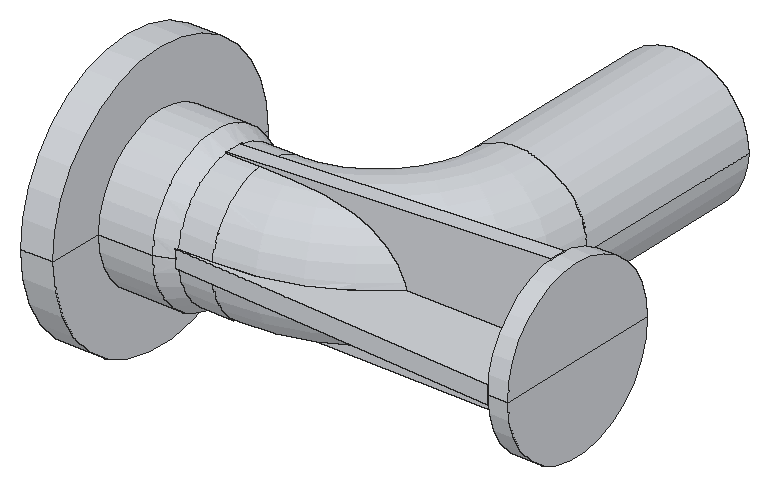
Revit family "eff32b2c6c2f4254beaf8bdf545f26f0", category Pipe Fittings, Revit 2021
Family settings
  Round Connector Dimension = Use Radius
  Part Type = Elbow
  OmniClass Number = 23.60.30.11.14
  OmniClass Title = Pipework Fittings
  Seek Item ID = Elbow - Threaded - MI - Class 300-0000-USA-ENU
  Work Plane-Based = No
  Always vertical = Yes
  Cut with Voids When Loaded = No
  Shared = No
Parameters (values of type "Standard")
  Tick Size [instance] = Fitting Outside Diameter * 0.4  # 1.5840"
  Socket Outside Radius [instance] = Socket Outside Diameter / 2  # 2.2400"
  Socket Outside Diameter [instance] = size_lookup(Lookup Table Name, "SOD", 1.08 * Nominal Diameter + 1.1200", Nominal Diameter)  # 4.4800"
  Socket Depth [instance] = if(Nominal Diameter < 14.0000", 2.5000", if(Nominal Diameter < 30.0000", 3.5000", 4.0000"))  # 2.5000"
  Round Base Radius [instance] = Round Base Diameter / 2  # 2.5000"
  Round Base Diameter [instance] = size_lookup(Lookup Table Name, "RBD", 0.43 * Nominal Diameter + 4.7200", Nominal Diameter)  # 5.0000"
  Rib Thickness [instance] = size_lookup(Lookup Table Name, "RThk", 0.03 * Nominal Diameter + 0.4900", Nominal Diameter)  # 0.5000"
  Lookup Table Name = "Base Bend - MJ x PE - DI - Class 350"
  Length 9 [instance] = if(Fitting Outside Radius > Round Base Radius, Round Base Radius, Fitting Outside Radius)  # 1.9800"
  Length 8 [instance] = if(Length 7 < 0.0000", Round Base Radius, Fitting Outside Radius + Length 7)  # 2.24264"
  Length 7 [instance] = tan(Angle 1) * (Center to Socket Bottom 1 - Bevel Length)  # 0.26264"
  Length 6 [instance] = Center to Face + Center to Socket Bottom 1 - Bevel Length  # 9.8600"
  Length 5 [instance] = Length 4 + Bevel Length + Socket Depth  # 4.0000"
  Length 4 [instance] = Center to Socket Bottom 1 - Bevel Length - Length 1  # 0.9800"
  Length 3 [instance] = sin(Angle) * (Center to Socket Bottom 2)  # 9.7500"
  Length 2 [instance] = cos(Angle) * (Center to Socket Bottom 2)  # 0.0000"
  Length 1 [instance] = tan(Angle / 2) * Center Radius  # 4.0000"
  Length 11 [instance] = Center to Face + Length 1 - Length 10  # 6.94351"
  Length 10 [instance] = sqrt((Center Radius + (Center Radius - Rib Thickness)) * Rib Thickness)  # 1.93649"
  Fitting Outside Radius [instance] = Fitting Outside Diameter / 2  # 1.9800"
  Fitting Outside Diameter [instance] = size_lookup(Lookup Table Name, "FOD", 1.04 * Nominal Diameter + 0.7000", Nominal Diameter)  # 3.9600"
  Nominal Radius [instance] = 1.5000"
  Nominal Diameter [instance] = Nominal Radius * 2  # 3.0000"
  Loss Method = K Coefficient from Table
  K Coefficient Table = "Long Radius Elbow"
  Default Elevation = 0.0000"
  Bevel Length [instance] = size_lookup(Lookup Table Name, "BvLgt", 0.04 * Nominal Diameter + 0.4300", Nominal Diameter)  # 0.5200"
  Center to Socket Bottom 2 [instance] = size_lookup(Lookup Table Name, "CtSB2", 0.75 * Nominal Diameter + 11.2500", Nominal Diameter)  # 9.7500"
  Center to Socket Bottom 1 [instance] = size_lookup(Lookup Table Name, "CtSB1", Center to Socket Bottom 1 Not Found, Nominal Diameter)  # 5.5000"
  Center to Socket Bottom 1 Not Found [instance] = tan(Angle / 2) * Center Radius + Bevel Length + Socket Depth  # 7.0200"
  Center to Face [instance] = size_lookup(Lookup Table Name, "CtF", 0.65 * Nominal Diameter + 3.1200", Nominal Diameter)  # 4.8800"
  Center Radius [instance] = size_lookup(Lookup Table Name, "CRad", 0.69 * Nominal Diameter + 1.8100", Nominal Diameter)  # 4.0000"
  Base Thickness [instance] = size_lookup(Lookup Table Name, "BThk", 0.03 * Nominal Diameter + 0.4900", Nominal Diameter)  # 0.5600"
  Gland Width [instance] = size_lookup(Lookup Table Name, "GWid", 0.03 * Nominal Diameter + 0.9400", Nominal Diameter)  # 0.9400"
  Gland Outside Radius [instance] = Gland Outside Diameter / 2  # 3.8450"
  Gland Outside Diameter [instance] = size_lookup(Lookup Table Name, "GOD", 1.16 * Nominal Diameter + 4.0300", Nominal Diameter)  # 7.6900"
  Assembly Code = ""
  Angle 1 [instance] = atan((Round Base Radius - Fitting Outside Radius) / Length 6)  # 3.01889°
  Angle [instance] = 90.00°  # constant formula
Reference planes (in)
  plane 1 "Center (Front/Back)": y = 0
  plane 2: z = 0
  plane 3 "Center (Left/Right)": x = 0
  plane 4: x = -4
  plane 5: x = -4.98
  plane 6: y = 4
  plane 7: y = 1.584
  plane 8: y = -1.584
  plane 9: x = 0
  plane 10: y = 9.75
  plane 11: x = -8
  plane 12: x = -7.06
  plane 13: y = 3.845
  plane 14: y = 2.24
  plane 15: y = 1.98
  plane 16: x = -5.5
  plane 17: x = 4.32
  plane 18: x = 4.88
  plane 19: y = 0.25
  plane 20: y = -0.25
  plane 21: z = 0.25
  plane 22: z = -0.25
  plane 23: y = 2.5
  plane 24: z = 2.5
  plane 25: z = -2.5
  plane 26: z = 1.98
  plane 27: z = -1.98
  plane 28: y = -2.5
Forms (in)
  Sweep 1, solid, detail levels fine
    path in 3D
      loop
        arc (-4, 0, 0) -> (-1.17157, 1.17157, 0) -> (0, 4, 0) r 4
    profile origin (-1.17157, 1.17157, 0) x (-0.707107, 0.707107, 0) y (0, 0, 1)
      loop
        circle (0, 0) r 1.98
  Revolve 2, solid, detail levels fine
    sketch origin (0, 0, 0) x (1, 0, 0) y (0, 1, 0)
      loop
        line (-8, 0) -> (-4, 0) -> (-4, 1.98) -> (-4.98, 1.98) -> (-5.5, 2.24) -> (-7.06, 2.24) -> (-7.06, 3.845) -> (-8, 3.845) -> (-8, 0)
      loop
        line (4.32, 0) -> (4.88, 0) -> (4.88, 2.5) -> (4.32, 2.5) -> (4.32, 0)
      axis (-8, 0) -> (4.88, 0)
    angle from 0 to 360
  Extrusion 3, solid, detail levels fine
    sketch origin (0, 0, 0) x (1, 0, 0) y (0, 0, 1)
      loop
        line (4.32, 2.5) -> (-4.98, 1.98) -> (-4.98, -1.98) -> (4.32, -1.98) -> (4.32, 2.5)
    from -0.25 to 0.25
  Extrusion 4, solid, detail levels fine
    sketch origin (0, 0, 0) x (1, 0, 0) y (0, 1, 0)
      loop
        line (4.32, 2.5) -> (0, 2.24264) -> (0, 0) -> (-5.5, 0) -> (-5.5, -1.98) -> (4.32, -2.5) -> (4.32, 2.5)
    from -0.25 to 0.25
  Extrusion 5, solid, detail levels fine
    sketch origin (0, 0, 0) x (1, 0, 0) y (0, 0, 1)
      loop
        circle (0, 0) r 1.98
    from -9.75 to -4
Cuts and joins
  joined: Sweep 1, Revolve 2, Extrusion 4, Extrusion 5
Lines and regions (in)
  model lines, style "PipeFitting", detail levels coarse+medium
    curve 1: line (-8, 0, 0) -> (4.88, 0, 0)
    curve 2: arc (-4, 0, 0) -> (-1.17157, 1.17157, 0) -> (0, 4, 0) r 4
    curve 3: line (0, 4, 0) -> (0, 9.75, 0)
    curve 5: line (-8, 0, 0) -> (-8, 1.584, 0)
    curve 6: line (-8, 0, 0) -> (-8, -1.584, 0)
    curve 7: line (0, 9.75, 0) -> (-1.584, 9.75, 0)
    curve 8: line (0, 9.75, 0) -> (1.584, 9.75, 0)
    curve 10: line (-2.06351, 0.5, 0) -> (4.88, 0.5, 0)
  sketch lines
    curve 4: arc (-4, 0, 0) -> (-1.17157, 1.17157, 0) -> (0, 4, 0) r 4
  reference lines, not visible
    curve 9: line (0, 9.75, 0) -> (0, 2.43528, 0)
Dimensions and locks (in)
  "Center Radius": plane 6 to plane 1 "Center (Front/Back)"
  "Tick Size": plane 7 to plane 1 "Center (Front/Back)"
  "Tick Size": plane 8 to plane 1 "Center (Front/Back)"
  "Tick Size": curve 7 to curve 7
  "Tick Size": curve 8 to curve 8
  "Length 1": plane 4 to plane 3 "Center (Left/Right)"
  "Length 3": plane 10 to plane 1 "Center (Front/Back)"
  "Gland Width": plane 11 to plane 12
  "Fitting Outside Radius": plane 15 to plane 1 "Center (Front/Back)"
  "Socket Outside Radius": plane 14 to plane 1 "Center (Front/Back)"
  "Gland Outside Radius": plane 13 to plane 1 "Center (Front/Back)"
  "Bevel Length": plane 16 to plane 5
  "Socket Depth": plane 11 to plane 16
  "Center to Socket Bottom 1": plane 16 to plane 3 "Center (Left/Right)"
  "Length 2": plane 3 "Center (Left/Right)" to plane 9
  equal spacing: plane 21, plane 2, plane 22
  "Rib Thickness": plane 21 to plane 22
  equal spacing: plane 20, plane 1 "Center (Front/Back)", plane 19
  "Rib Thickness": plane 20 to plane 19
  "Round Base Radius": plane 23 to plane 1 "Center (Front/Back)"
  "Center to Face": plane 3 "Center (Left/Right)" to plane 18
  "Base Thickness": plane 17 to plane 18
  "Fitting Outside Radius": plane 26 to plane 2
  "Fitting Outside Radius": plane 2 to plane 27
  "Round Base Radius": plane 24 to plane 2
  "Round Base Radius": plane 2 to plane 25
  "Round Base Radius": plane 28 to plane 1 "Center (Front/Back)"
  "Length 8": plane 1 "Center (Front/Back)" to Extrusion 4 sketch curve
  "Length 9": Extrusion 4 sketch curve to plane 1 "Center (Front/Back)"
  "Length 9": Extrusion 3 sketch curve to plane 2
  "Length 9": plane 2 to Extrusion 3 sketch curve
  "Rib Thickness": plane 1 "Center (Front/Back)" to curve 10
  "Length 11": curve 10 to curve 10
  "Center Radius": radius of curve 2
  "Fitting Outside Radius": radius of Sweep 1 sketch curve
  "Fitting Outside Radius": radius of Extrusion 5 sketch curve
  "Angle": angle curve 2 to curve 2
  "Angle": angle plane 1 "Center (Front/Back)" to curve 3
  locked: curve 8 to curve 3 (angle 90.00°)
  locked: curve 3 to curve 7 (angle 90.00°)
  "Angle": angle plane 10 to curve 9
  aligned and locked: plane 4 to curve 2
  aligned and locked: plane 7 to curve 5
  aligned and locked: plane 1 "Center (Front/Back)" to curve 6
  aligned and locked: plane 8 to curve 6
  aligned and locked: plane 9 to curve 9
  aligned and locked: plane 10 to curve 9
  aligned and locked: curve 6 to plane 11
  aligned and locked: plane 13 to Revolve 2 sketch curve
  aligned and locked: plane 11 to Revolve 2 sketch curve
  aligned and locked: Revolve 2 sketch curve to plane 12
  aligned and locked: plane 14 to Revolve 2 sketch curve
  aligned and locked: Revolve 2 sketch curve to plane 4
  aligned and locked: plane 16 to Revolve 2 sketch curve
  aligned and locked: plane 5 to Revolve 2 sketch curve
  aligned and locked: Revolve 2 sketch curve to plane 15
  aligned and locked: Revolve 2 sketch curve to plane 1 "Center (Front/Back)"
  aligned and locked: plane 17 to Revolve 2 sketch curve
  aligned and locked: Revolve 2 sketch curve to plane 18
  aligned and locked: Revolve 2 sketch curve to plane 23
  aligned and locked: plane 19 to Extrusion 3
  aligned and locked: plane 20 to Extrusion 3
  aligned and locked: plane 17 to Extrusion 4 sketch curve
  aligned and locked: plane 28 to Extrusion 4 sketch curve
  aligned and locked: plane 23 to Extrusion 4 sketch curve
  aligned and locked: plane 1 "Center (Front/Back)" to Extrusion 4 sketch curve
  aligned and locked: plane 9 to Extrusion 4 sketch curve
  aligned and locked: Extrusion 4 sketch curve to plane 16
  aligned and locked: plane 22 to Extrusion 4
  aligned and locked: plane 21 to Extrusion 4
  aligned and locked: plane 24 to Extrusion 3 sketch curve
  aligned and locked: plane 18 to curve 1
  aligned and locked: plane 18 to curve 10
  aligned and locked: plane 9 to Extrusion 5 sketch curve
  aligned and locked: plane 2 to Extrusion 5 sketch curve
  aligned and locked: Extrusion 5 to plane 6
  aligned and locked: plane 10 to Extrusion 5
Automatic sketch dimensions
  Sweep 1 sketch curve to profile plane = 0.0000"  (x2)
  plane 1 "Center (Front/Back)" to Revolve 2 sketch curve = 0.0000"  (x2)
  Revolve 2 sketch curve to plane 4 = 0.0000"
  Revolve 2 sketch curve to Revolve 2 sketch curve = 0.7500"
  Extrusion 3 sketch curve to plane 5 = 0.0000"
  Extrusion 3 sketch curve to plane 17 = 0.0000"
  curve 8 to plane 10 = 0.0000"
Connectors (in)
  piping at (-8, 0, 0), diameter 3, driven by "Angle", driven by "Nominal Radius"
    settings: on Revolve 2, index 1, connector inside diameter 3.0000", connector length 0.0000", flow factor 0, pipe flow 0 GPM, pressure drop 0.00 psi, fitting loss kfactor 0, connector angle 90.00°, fixture units 0, engagement length 0.0000", angle of deflection 0.00°, flow configuration 0, flow direction 0, fitting loss method 0, system type 28, joint type 0, gender type 0, connector reference index 2, connector utility 0, adjustable connector no, is connector primary yes, connector description ""
  piping at (0, 9.75, 0), diameter 3, driven by "Nominal Radius", driven by "Angle"
    settings: on Extrusion 5, index 2, connector inside diameter 3.0000", connector length 0.0000", flow factor 0, pipe flow 0 GPM, pressure drop 0.00 psi, fitting loss kfactor 0, connector angle 90.00°, fixture units 0, engagement length 0.0000", angle of deflection 0.00°, flow configuration 0, flow direction 0, fitting loss method 0, system type 28, joint type 0, gender type 0, connector reference index 1, connector utility 0, adjustable connector no, is connector primary no, connector description ""
